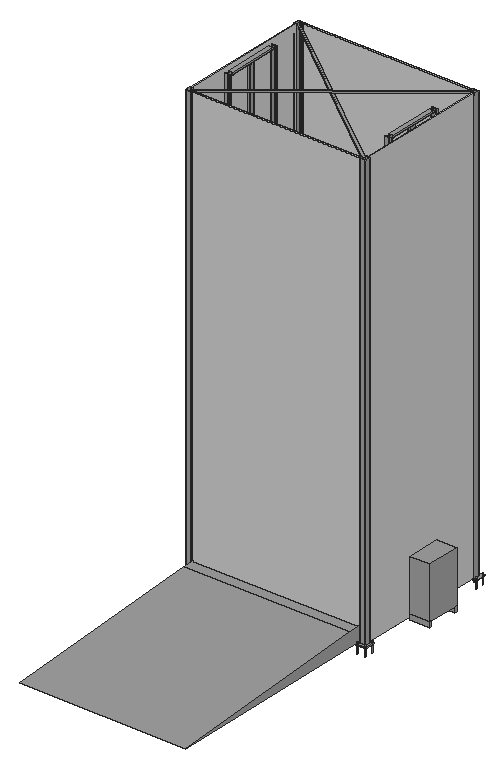
Revit family "1SE_Trez_TC_2C_T_2000_With_Ramp", category Specialty Equipment, Revit 2019
Family settings
  Round Connector Dimension = Use Diameter
  Part Type = Normal
  Work Plane-Based = No
  Always vertical = Yes
  Cut with Voids When Loaded = Yes
  Shared = No
  Room Calculation Point = No
Parameters (values of type "Platform-2300x2300mm with Door Height 2500mm")
  Safe Working Load = 2000.00 kg  # constant formula
  Safe Space = if(Cabin or Platform = Cabin, 900.0 mm, if(and(Cabin or Platform = Platform, Door Clear Height > 1900.0 mm), 600.0 mm, 0.0 mm))  # 600.0 mm
  Ramp Width = Tower Width - 250.0 mm  # 2900.0 mm
  Ramp Material = TREZ_Steel
  Platform = Speciality_Equipment_Trez_Platform : Platform
  Door Clear Width = Clear Width  # 2300.0 mm
  Door Clear Height = 2500.0 mm
  Clear Width = 2300.0 mm
  URL = "https://trez.bg/en/products/goods-only-lift-tc/tc-2ct-two-cylinders-and-tower/"
  Tower Width = Real Width + 2 * Clearance  # 3150.0 mm
  Tower Depth = Real Depth + 180.0 mm  # 2480.0 mm
  Tower Cladding Material = TREZ_Steel_Cladding
  Real Width = if(Clear Width < 1300.0 mm, 1300.0 mm, if(Clear Width > 2300.0 mm, 2300.0 mm, Clear Width))  # 2300.0 mm
  Real Depth = if(Clear Depth < 1300.0 mm, 1300.0 mm, if(Clear Depth > 2300.0 mm, 2300.0 mm, Clear Depth))  # 2300.0 mm
  Profiles Material = TREZ_Steel
  Platform Material = TREZ_Steel
  Ramp Height = 250.0 mm  # constant formula
  Travel = 4500.0 mm
  Rail Height = Travel + Headroom  # 7600.0 mm
  Model = "TC 2C T 2000"
  Manufacturer = "TREZ Ltd."
  Headroom = Door Clear Height + Safe Space  # 3100.0 mm
  Description = "Trez Compact 2 Cylinders Tower. Goods only lift."  # constant formula
  Clear Depth = 2300.0 mm
  Created By URL = "https://all1studio.com/"
  Created By = "All 1 Studio Ltd."
  Clearance = 425.0 mm  # constant formula
  Cabin or Platform Back = yes
  Cabin or Platform = Speciality_Equipment_Trez_Platform : Platform
  Cabin = Speciality_Equipment_Trez_Cabin : Cabin
Reference planes
  plane 1 "Center (Front/Back)": y = 0
  plane 2: z = 0
  plane 3 "Center (Left/Right)": x = 0
  plane 4: x = -1150
  plane 5: x = 1150
  plane 6: y = 1150
  plane 7: y = -1150
  plane 8: x = 1575
  plane 9: y = 1260
  plane 10: x = -1575
  plane 11: y = -1220
  plane 12: x = 1520
  plane 13: x = -1520
  plane 14: y = 1205
  plane 15: y = -1165
  plane 16: z = 4500
  plane 17 "Top of Lift": z = 7600
  plane 18: x = -1528.5
  plane 19: x = 1528.5
  plane 20: x = 1785
  plane 21: x = -1559.032
  plane 22: x = -1541.032
  plane 23: y = 1244
  plane 24: y = 1226
  plane 25: x = 1559
  plane 26: x = 1541
  plane 27: y = -1204
  plane 28: y = -1186
  plane 29: x = -1635
  plane 30: y = 1320
  plane 31: x = 1635
  plane 32: y = -1280
  plane 33: x = -1388.5
  plane 34: x = 1388.5
  plane 35: z = 7540
  plane 36: z = 40
  plane 37: z = -145
  plane 38 "Ramp": z = 250
Forms (mm)
  Extrusion 1, solid, material "TREZ_Steel_Cladding" <- "Tower Cladding Material", detail levels coarse+medium
    sketch origin (0, 0, 0) x (1, 0, 0) y (0, 1, 0)
      loop
        line (-1575, 1260) -> (-1575, 1155) -> (-1559.032, 1155) -> (-1559.032, -1115) -> (-1575, -1115) -> (-1575, -1220) -> (-1470, -1220) -> (-1470, -1204) -> (1470, -1204) -> (1470, -1220) -> (1575, -1220) -> (1575, -1115) -> (1559, -1115) -> (1559, 1155) -> (1575, 1155) -> (1575, 1260) -> (1470, 1260) -> (1470, 1244) -> (-1470, 1244) -> (-1470, 1260) -> (-1575, 1260)
      loop
        line (-1520, 1205) -> (-1520, 1155) -> (-1541.032, 1155) -> (-1541.032, -1115) -> (-1520, -1115) -> (-1520, -1165) -> (-1470, -1165) -> (-1470, -1186) -> (1470, -1186) -> (1470, -1165) -> (1520, -1165) -> (1520, -1115) -> (1541, -1115) -> (1541, 1155) -> (1520, 1155) -> (1520, 1205) -> (1470, 1205) -> (1470, 1226) -> (-1470, 1226) -> (-1470, 1205) -> (-1520, 1205)
    from 0 to 7600
  Extrusion 2, solid, material "TREZ_Steel" <- "Profiles Material", detail levels fine
    sketch origin (0, 0, 0) x (1, 0, 0) y (0, 1, 0)
      loop
        line (-1575, 1253) -> (-1575, 1162)
        arc (-1575, 1162) -> (-1572.95, 1157.05) -> (-1568, 1155) r 7
        line (-1568, 1155) -> (-1527, 1155)
        arc (-1527, 1155) -> (-1522.05, 1157.05) -> (-1520, 1162) r 7
        line (-1520, 1162) -> (-1520, 1198)
        arc (-1520, 1198) -> (-1517.95, 1202.95) -> (-1513, 1205) r 7
        line (-1513, 1205) -> (-1477, 1205)
        arc (-1477, 1205) -> (-1472.05, 1207.05) -> (-1470, 1212) r 7
        line (-1470, 1212) -> (-1470, 1253)
        arc (-1470, 1253) -> (-1472.05, 1257.95) -> (-1477, 1260) r 7
        line (-1477, 1260) -> (-1568, 1260)
        arc (-1568, 1260) -> (-1572.95, 1257.95) -> (-1575, 1253) r 7
      loop
        line (1568, 1260) -> (1477, 1260)
        arc (1477, 1260) -> (1472.05, 1257.95) -> (1470, 1253) r 7
        line (1470, 1253) -> (1470, 1212)
        arc (1470, 1212) -> (1472.05, 1207.05) -> (1477, 1205) r 7
        line (1477, 1205) -> (1513, 1205)
        arc (1513, 1205) -> (1517.95, 1202.95) -> (1520, 1198) r 7
        line (1520, 1198) -> (1520, 1162)
        arc (1520, 1162) -> (1522.05, 1157.05) -> (1527, 1155) r 7
        line (1527, 1155) -> (1568, 1155)
        arc (1568, 1155) -> (1572.95, 1157.05) -> (1575, 1162) r 7
        line (1575, 1162) -> (1575, 1253)
        arc (1575, 1253) -> (1572.95, 1257.95) -> (1568, 1260) r 7
      loop
        arc (-1575, -1213) -> (-1572.95, -1217.95) -> (-1568, -1220) r 7
        line (-1568, -1220) -> (-1477, -1220)
        arc (-1477, -1220) -> (-1472.05, -1217.95) -> (-1470, -1213) r 7
        line (-1470, -1213) -> (-1470, -1172)
        arc (-1470, -1172) -> (-1472.05, -1167.05) -> (-1477, -1165) r 7
        line (-1477, -1165) -> (-1513, -1165)
        arc (-1513, -1165) -> (-1517.95, -1162.95) -> (-1520, -1158) r 7
        line (-1520, -1158) -> (-1520, -1122)
        arc (-1520, -1122) -> (-1522.05, -1117.05) -> (-1527, -1115) r 7
        line (-1527, -1115) -> (-1568, -1115)
        arc (-1568, -1115) -> (-1572.95, -1117.05) -> (-1575, -1122) r 7
        line (-1575, -1122) -> (-1575, -1213)
      loop
        arc (1568, -1220) -> (1572.95, -1217.95) -> (1575, -1213) r 7
        line (1575, -1213) -> (1575, -1122)
        arc (1575, -1122) -> (1572.95, -1117.05) -> (1568, -1115) r 7
        line (1568, -1115) -> (1527, -1115)
        arc (1527, -1115) -> (1522.05, -1117.05) -> (1520, -1122) r 7
        line (1520, -1122) -> (1520, -1158)
        arc (1520, -1158) -> (1517.95, -1162.95) -> (1513, -1165) r 7
        line (1513, -1165) -> (1477, -1165)
        arc (1477, -1165) -> (1472.05, -1167.05) -> (1470, -1172) r 7
        line (1470, -1172) -> (1470, -1213)
        arc (1470, -1213) -> (1472.05, -1217.95) -> (1477, -1220) r 7
        line (1477, -1220) -> (1568, -1220)
      loop
        arc (-1473, 1253) -> (-1474.172, 1255.828) -> (-1477, 1257) r 4
        line (-1477, 1257) -> (-1568, 1257)
        arc (-1568, 1257) -> (-1570.828, 1255.828) -> (-1572, 1253) r 4
        line (-1572, 1253) -> (-1572, 1162)
        arc (-1572, 1162) -> (-1570.828, 1159.172) -> (-1568, 1158) r 4
        line (-1568, 1158) -> (-1527, 1158)
        arc (-1527, 1158) -> (-1524.172, 1159.172) -> (-1523, 1162) r 4
        line (-1523, 1162) -> (-1523, 1198)
        arc (-1523, 1198) -> (-1520.071, 1205.071) -> (-1513, 1208) r 10
        line (-1513, 1208) -> (-1477, 1208)
        arc (-1477, 1208) -> (-1474.172, 1209.172) -> (-1473, 1212) r 4
        line (-1473, 1212) -> (-1473, 1253)
      loop
        line (-1473, -1213) -> (-1473, -1172)
        arc (-1473, -1172) -> (-1474.172, -1169.172) -> (-1477, -1168) r 4
        line (-1477, -1168) -> (-1513, -1168)
        arc (-1513, -1168) -> (-1520.071, -1165.071) -> (-1523, -1158) r 10
        line (-1523, -1158) -> (-1523, -1122)
        arc (-1523, -1122) -> (-1524.172, -1119.172) -> (-1527, -1118) r 4
        line (-1527, -1118) -> (-1568, -1118)
        arc (-1568, -1118) -> (-1570.828, -1119.172) -> (-1572, -1122) r 4
        line (-1572, -1122) -> (-1572, -1213)
        arc (-1572, -1213) -> (-1570.828, -1215.828) -> (-1568, -1217) r 4
        line (-1568, -1217) -> (-1477, -1217)
        arc (-1477, -1217) -> (-1474.172, -1215.828) -> (-1473, -1213) r 4
      loop
        line (1572, -1213) -> (1572, -1122)
        arc (1572, -1122) -> (1570.828, -1119.172) -> (1568, -1118) r 4
        line (1568, -1118) -> (1527, -1118)
        arc (1527, -1118) -> (1524.172, -1119.172) -> (1523, -1122) r 4
        line (1523, -1122) -> (1523, -1158)
        arc (1523, -1158) -> (1520.071, -1165.071) -> (1513, -1168) r 10
        line (1513, -1168) -> (1477, -1168)
        arc (1477, -1168) -> (1474.172, -1169.172) -> (1473, -1172) r 4
        line (1473, -1172) -> (1473, -1213)
        arc (1473, -1213) -> (1474.172, -1215.828) -> (1477, -1217) r 4
        line (1477, -1217) -> (1568, -1217)
        arc (1568, -1217) -> (1570.828, -1215.828) -> (1572, -1213) r 4
      loop
        arc (1572, 1253) -> (1570.828, 1255.828) -> (1568, 1257) r 4
        line (1568, 1257) -> (1477, 1257)
        arc (1477, 1257) -> (1474.172, 1255.828) -> (1473, 1253) r 4
        line (1473, 1253) -> (1473, 1212)
        arc (1473, 1212) -> (1474.172, 1209.172) -> (1477, 1208) r 4
        line (1477, 1208) -> (1513, 1208)
        arc (1513, 1208) -> (1520.071, 1205.071) -> (1523, 1198) r 10
        line (1523, 1198) -> (1523, 1162)
        arc (1523, 1162) -> (1524.172, 1159.172) -> (1527, 1158) r 4
        line (1527, 1158) -> (1568, 1158)
        arc (1568, 1158) -> (1570.828, 1159.172) -> (1572, 1162) r 4
        line (1572, 1162) -> (1572, 1253)
    from 5 to 7600
  Extrusion 3, solid, material "TREZ_Steel_Cladding" <- "Tower Cladding Material", detail levels fine
    sketch origin (0, 0, 0) x (1, 0, 0) y (0, 1, 0)
      loop
        line (1559, 1155) -> (1541, 1155) -> (1541, -1115) -> (1559, -1115) -> (1559, 1155)
      loop
        line (1470, 1244) -> (-1470, 1244) -> (-1470, 1226) -> (1470, 1226) -> (1470, 1244)
      loop
        line (1470, -1186) -> (-1470, -1186) -> (-1470, -1204) -> (1470, -1204) -> (1470, -1186)
      loop
        line (-1541.032, -1115) -> (-1541.032, 1155) -> (-1559.032, 1155) -> (-1559.032, -1115) -> (-1541.032, -1115)
    from 0 to 7600
  Extrusion 4, solid, material "TREZ_Steel" <- "Profiles Material", detail levels fine
    sketch origin (0, 0, 0) x (1, 0, 0) y (0, 1, 0)
      loop
        arc (1457, 1320) -> (1452.05, 1317.95) -> (1450, 1313) r 7
        line (1450, 1313) -> (1450, 1260) -> (1470, 1260) -> (1470, 1205) -> (1520, 1205) -> (1520, 1155) -> (1575, 1155) -> (1575, 1135) -> (1628, 1135)
        arc (1628, 1135) -> (1632.95, 1137.05) -> (1635, 1142) r 7
        line (1635, 1142) -> (1635, 1313)
        arc (1635, 1313) -> (1632.95, 1317.95) -> (1628, 1320) r 7
        line (1628, 1320) -> (1457, 1320)
      loop
        line (-1457, 1320) -> (-1628, 1320)
        arc (-1628, 1320) -> (-1632.95, 1317.95) -> (-1635, 1313) r 7
        line (-1635, 1313) -> (-1635, 1142)
        arc (-1635, 1142) -> (-1632.95, 1137.05) -> (-1628, 1135) r 7
        line (-1628, 1135) -> (-1575, 1135) -> (-1575, 1155) -> (-1520, 1155) -> (-1520, 1205) -> (-1470, 1205) -> (-1470, 1260) -> (-1450, 1260) -> (-1450, 1313)
        arc (-1450, 1313) -> (-1452.05, 1317.95) -> (-1457, 1320) r 7
      loop
        line (1457, -1280) -> (1628, -1280)
        arc (1628, -1280) -> (1632.95, -1277.95) -> (1635, -1273) r 7
        line (1635, -1273) -> (1635, -1102)
        arc (1635, -1102) -> (1632.95, -1097.05) -> (1628, -1095) r 7
        line (1628, -1095) -> (1575, -1095) -> (1575, -1115) -> (1520, -1115) -> (1520, -1165) -> (1470, -1165) -> (1470, -1220) -> (1450, -1220) -> (1450, -1273)
        arc (1450, -1273) -> (1452.05, -1277.95) -> (1457, -1280) r 7
      loop
        arc (-1457, -1280) -> (-1452.05, -1277.95) -> (-1450, -1273) r 7
        line (-1450, -1273) -> (-1450, -1220) -> (-1470, -1220) -> (-1470, -1165) -> (-1520, -1165) -> (-1520, -1115) -> (-1575, -1115) -> (-1575, -1095) -> (-1628, -1095)
        arc (-1628, -1095) -> (-1632.95, -1097.05) -> (-1635, -1102) r 7
        line (-1635, -1102) -> (-1635, -1273)
        arc (-1635, -1273) -> (-1632.95, -1277.95) -> (-1628, -1280) r 7
        line (-1628, -1280) -> (-1457, -1280)
    from 5 to 0
  Sweep 5, solid, material "TREZ_Steel" <- "Profiles Material", detail levels fine
    path origin (0, 0, 7600) x (-1, 0, 0) y (0, -1, 0)
      loop
        line (1520, 1165) -> (-1520, -1205)
    profile origin (0, 20, 7600) x (-0.614838, 0.788653, 0) y (0, 0, 1)
      loop
        line (15, 0) -> (-15, 0) -> (-15, -30) -> (15, -30) -> (15, 0)
  Sweep 6, solid, material "TREZ_Steel" <- "Profiles Material", detail levels fine
    path origin (0, 0, 7600) x (-1, 0, 0) y (0, -1, 0)
      loop
        line (1520, -1205) -> (-1520, 1165)
    profile origin (0, 20, 7600) x (0.614838, 0.788653, 0) y (0, 0, 1)
      loop
        line (-15, -60) -> (15, -60) -> (15, -30) -> (-15, -30) -> (-15, -60)
  Extrusion 7, void
    sketch origin (0, 0, 7600) x (-1, 0, 0) y (0, -1, 0)
      loop
        arc (1527, -1155) -> (1522.05, -1157.05) -> (1520, -1162) r 7
        line (1520, -1162) -> (1520, -1198)
        arc (1520, -1198) -> (1517.95, -1202.95) -> (1513, -1205) r 7
        line (1513, -1205) -> (1477, -1205)
        arc (1477, -1205) -> (1472.05, -1207.05) -> (1470, -1212) r 7
        line (1470, -1212) -> (1470, -1253)
        arc (1470, -1253) -> (1472.05, -1257.95) -> (1477, -1260) r 7
        line (1477, -1260) -> (1568, -1260)
        arc (1568, -1260) -> (1572.95, -1257.95) -> (1575, -1253) r 7
        line (1575, -1253) -> (1575, -1162)
        arc (1575, -1162) -> (1572.95, -1157.05) -> (1568, -1155) r 7
        line (1568, -1155) -> (1527, -1155)
      loop
        arc (-1470, -1212) -> (-1472.05, -1207.05) -> (-1477, -1205) r 7
        line (-1477, -1205) -> (-1513, -1205)
        arc (-1513, -1205) -> (-1517.95, -1202.95) -> (-1520, -1198) r 7
        line (-1520, -1198) -> (-1520, -1162)
        arc (-1520, -1162) -> (-1522.05, -1157.05) -> (-1527, -1155) r 7
        line (-1527, -1155) -> (-1568, -1155)
        arc (-1568, -1155) -> (-1572.95, -1157.05) -> (-1575, -1162) r 7
        line (-1575, -1162) -> (-1575, -1253)
        arc (-1575, -1253) -> (-1572.95, -1257.95) -> (-1568, -1260) r 7
        line (-1568, -1260) -> (-1477, -1260)
        arc (-1477, -1260) -> (-1472.05, -1257.95) -> (-1470, -1253) r 7
        line (-1470, -1253) -> (-1470, -1212)
      loop
        arc (-1527, 1115) -> (-1522.05, 1117.05) -> (-1520, 1122) r 7
        line (-1520, 1122) -> (-1520, 1158)
        arc (-1520, 1158) -> (-1517.95, 1162.95) -> (-1513, 1165) r 7
        line (-1513, 1165) -> (-1477, 1165)
        arc (-1477, 1165) -> (-1472.05, 1167.05) -> (-1470, 1172) r 7
        line (-1470, 1172) -> (-1470, 1213)
        arc (-1470, 1213) -> (-1472.05, 1217.95) -> (-1477, 1220) r 7
        line (-1477, 1220) -> (-1568, 1220)
        arc (-1568, 1220) -> (-1572.95, 1217.95) -> (-1575, 1213) r 7
        line (-1575, 1213) -> (-1575, 1122)
        arc (-1575, 1122) -> (-1572.95, 1117.05) -> (-1568, 1115) r 7
        line (-1568, 1115) -> (-1527, 1115)
      loop
        arc (1520, 1122) -> (1522.05, 1117.05) -> (1527, 1115) r 7
        line (1527, 1115) -> (1568, 1115)
        arc (1568, 1115) -> (1572.95, 1117.05) -> (1575, 1122) r 7
        line (1575, 1122) -> (1575, 1213)
        arc (1575, 1213) -> (1572.95, 1217.95) -> (1568, 1220) r 7
        line (1568, 1220) -> (1477, 1220)
        arc (1477, 1220) -> (1472.05, 1217.95) -> (1470, 1213) r 7
        line (1470, 1213) -> (1470, 1172)
        arc (1470, 1172) -> (1472.05, 1167.05) -> (1477, 1165) r 7
        line (1477, 1165) -> (1513, 1165)
        arc (1513, 1165) -> (1517.95, 1162.95) -> (1520, 1158) r 7
        line (1520, 1158) -> (1520, 1122)
    from -60 to 0
  Extrusion 8, solid, material "TREZ_Steel" <- "Profiles Material", detail levels fine
    sketch origin (0, 0, 0) x (1, 0, 0) y (0, 1, 0)
      loop
        circle (-1610.697, 1304.303) r 6
      loop
        circle (-1465.697, 1304.303) r 6
      loop
        circle (-1610.697, 1159.303) r 6
      loop
        circle (1610.697, 1304.303) r 6
      loop
        circle (1465.697, 1304.303) r 6
      loop
        circle (1610.697, 1159.303) r 6
      loop
        circle (-1610.697, -1264.303) r 6
      loop
        circle (-1465.697, -1264.303) r 6
      loop
        circle (-1610.697, -1119.303) r 6
      loop
        circle (1610.697, -1264.303) r 6
      loop
        circle (1465.697, -1264.303) r 6
      loop
        circle (1610.697, -1119.303) r 6
    from -145 to 40
Cuts and joins
  Extrusion 7 cuts Sweep 5
  Extrusion 7 cuts Sweep 6
  joined: Extrusion 4, Extrusion 8
Lines and regions (mm)
  symbolic lines, style "Profiles"
    curve 1: line (-1575, 1260, 0) -> (-1470, 1260, 0)
    curve 2: line (-1470, 1260, 0) -> (-1470, 1205, 0)
    curve 3: line (-1470, 1205, 0) -> (-1520, 1205, 0)
    curve 4: line (-1520, 1205, 0) -> (-1520, 1155, 0)
    curve 5: line (-1520, 1155, 0) -> (-1575, 1155, 0)
    curve 6: line (-1575, 1155, 0) -> (-1575, 1260, 0)
    curve 7: line (1470, 1260, 0) -> (1575, 1260, 0)
    curve 8: line (1575, 1260, 0) -> (1575, 1155, 0)
    curve 9: line (1575, 1155, 0) -> (1520, 1155, 0)
    curve 10: line (1520, 1155, 0) -> (1520, 1205, 0)
    curve 11: line (1520, 1205, 0) -> (1470, 1205, 0)
    curve 12: line (1470, 1205, 0) -> (1470, 1260, 0)
    curve 13: line (-1575, -1115, 0) -> (-1520, -1115, 0)
    curve 14: line (-1520, -1115, 0) -> (-1520, -1165, 0)
    curve 15: line (-1520, -1165, 0) -> (-1470, -1165, 0)
    curve 16: line (-1470, -1165, 0) -> (-1470, -1220, 0)
    curve 17: line (-1470, -1220, 0) -> (-1575, -1220, 0)
    curve 18: line (-1575, -1220, 0) -> (-1575, -1115, 0)
    curve 19: line (1470, -1165, 0) -> (1520, -1165, 0)
    curve 20: line (1520, -1165, 0) -> (1520, -1115, 0)
    curve 21: line (1520, -1115, 0) -> (1575, -1115, 0)
    curve 22: line (1575, -1115, 0) -> (1575, -1220, 0)
    curve 23: line (1575, -1220, 0) -> (1470, -1220, 0)
    curve 24: line (1470, -1165, 0) -> (1470, -1220, 0)
    curve 25: line (1559, 1155, 0) -> (1541, 1155, 0)
    curve 26: line (1559, -1115, 0) -> (1559, 1155, 0)
    curve 27: line (1541, -1115, 0) -> (1559, -1115, 0)
    curve 28: line (1541, 1155, 0) -> (1541, -1115, 0)
    curve 29: line (1470, -1186, 0) -> (-1470, -1186, 0)
    curve 30: line (1470, -1204, 0) -> (1470, -1186, 0)
    curve 31: line (-1470, -1204, 0) -> (1470, -1204, 0)
    curve 32: line (-1470, -1186, 0) -> (-1470, -1204, 0)
    curve 33: line (-1541.032, -1115, 0) -> (-1559.032, -1115, 0)
    curve 34: line (-1541.032, 1155, 0) -> (-1541.032, -1115, 0)
    curve 35: line (-1559.032, 1155, 0) -> (-1541.032, 1155, 0)
    curve 36: line (-1559.032, -1115, 0) -> (-1559.032, 1155, 0)
    curve 37: line (-1470, 1226, 0) -> (1470, 1226, 0)
    curve 38: line (-1470, 1244, 0) -> (-1470, 1226, 0)
    curve 39: line (1470, 1244, 0) -> (-1470, 1244, 0)
    curve 40: line (1470, 1226, 0) -> (1470, 1244, 0)
  symbolic lines, style "Platform"
    curve 41: line (-1150, 1150, 0) -> (1150, 1150, 0)
    curve 42: line (-1150, -1150, 0) -> (-1150, 1150, 0)
    curve 43: line (1150, -1150, 0) -> (-1150, -1150, 0)
    curve 44: line (1150, 1150, 0) -> (1150, -1150, 0)
    curve 45: line (-1150, 1150, 0) -> (1150, -1150, 0)
    curve 46: line (1150, 1150, 0) -> (-1150, -1150, 0)
  model lines, style "Profiles", detail levels coarse+medium
    curve 47: line (-1520, 1205, 7600) -> (1520, -1165, 7600)
    curve 48: line (1520, 1205, 7600) -> (-1520, -1165, 7600)
Dimensions and locks
  equal spacing: plane 4, plane 3 "Center (Left/Right)", plane 5
  "Real Width": plane 4 to plane 5
  equal spacing: plane 7, plane 1 "Center (Front/Back)", plane 6
  "Real Depth": plane 7 to plane 6
  locked: plane 6 to plane 9 at 110
  locked: plane 7 to plane 11 at 70
  locked: plane 12 to plane 8 at 55
  locked: plane 10 to plane 13 at 55
  locked: plane 14 to plane 9 at 55
  locked: plane 15 to plane 11 at 55
  "Travel": plane 16 to level
  "Clearance": plane 5 to plane 8
  "Clearance": plane 10 to plane 4
  locked: plane 8 to plane 20 at 210
  locked: plane 10 to plane 18 at 46.5
  locked: plane 19 to plane 8 at 46.5
  plane 10 to plane 21 to plane 22 = 15.968 mm locked, 18.0 mm locked
  plane 24 to plane 23 to plane 9 = 18.0 mm locked, 16.0 mm locked
  plane 26 to plane 25 to plane 8 = 18.0 mm locked, 16.0 mm locked
  plane 28 to plane 27 to plane 11 = 18.0 mm locked, 16.0 mm locked
  locked: plane 29 to plane 10 at 60
  locked: plane 9 to plane 30 at 60
  locked: plane 8 to plane 31 at 60
  locked: plane 11 to plane 32 at 60
  locked: plane 10 to plane 33 at 186.5
  locked: plane 34 to plane 8 at 186.5
  "Headroom": plane 17 "Top of Lift" to plane 16
  locked: plane 17 "Top of Lift" to plane 35 at 60
  locked: plane 36 to level at 40
  locked: level to plane 37 at 145
  "Ramp Height": plane 38 "Ramp" to level
  aligned and locked: level to plane 2
  aligned and locked: plane 9 to Extrusion 1 sketch curve
  aligned and locked: plane 10 to Extrusion 1 sketch curve
  aligned and locked: plane 11 to Extrusion 1 sketch curve
  aligned and locked: plane 8 to Extrusion 1 sketch curve
  aligned and locked: plane 14 to Extrusion 1 sketch curve
  aligned and locked: plane 13 to Extrusion 1 sketch curve
  aligned and locked: plane 15 to Extrusion 1 sketch curve
  aligned and locked: plane 12 to Extrusion 1 sketch curve
  aligned and locked: plane 17 "Top of Lift" to Extrusion 1
  aligned and locked: plane 1 "Center (Front/Back)" to nested 1
  aligned and locked: plane 3 "Center (Left/Right)" to nested 1
  aligned and locked: nested 2 to plane 20
  aligned and locked: Extrusion 2 sketch curve to plane 10
  aligned and locked: Extrusion 2 sketch curve to plane 9  (x2)
  aligned and locked: Extrusion 2 sketch curve to plane 13
  aligned and locked: Extrusion 2 sketch curve to plane 14  (x2)
  aligned and locked: plane 8 to Extrusion 2 sketch curve
  aligned and locked: plane 17 "Top of Lift" to Extrusion 2
  aligned and locked: Extrusion 3 sketch curve to Extrusion 2  (x6)
  aligned and locked: Extrusion 3 sketch curve to plane 25
  aligned and locked: plane 26 to Extrusion 3 sketch curve
  aligned and locked: Extrusion 3 sketch curve to plane 23
  aligned and locked: plane 24 to Extrusion 3 sketch curve
  aligned and locked: plane 28 to Extrusion 3 sketch curve
  aligned and locked: Extrusion 3 sketch curve to plane 27
  aligned and locked: Extrusion 2 to Extrusion 3 sketch curve  (x2)
  aligned and locked: Extrusion 3 sketch curve to plane 22
  aligned and locked: plane 21 to Extrusion 3 sketch curve
  aligned and locked: plane 17 "Top of Lift" to Extrusion 3
  aligned and locked: plane 33 to nested 3
  aligned and locked: nested 4 to plane 34
  aligned and locked: plane 1 "Center (Front/Back)" to nested 3
  aligned and locked: nested 4 to plane 1 "Center (Front/Back)"
  aligned and locked: plane 14 to Sweep 5 sketch curve
  aligned and locked: plane 12 to Sweep 5 sketch curve
  aligned and locked: plane 13 to Sweep 5 sketch curve
  aligned and locked: plane 15 to Sweep 5 sketch curve
  aligned and locked: plane 12 to Sweep 6 sketch curve
  aligned and locked: plane 15 to Sweep 6 sketch curve
  aligned and locked: plane 14 to Sweep 6 sketch curve
  aligned and locked: plane 13 to Sweep 6 sketch curve
  aligned and locked: plane 35 to Extrusion 7
  aligned and locked: plane 17 "Top of Lift" to Extrusion 7
  aligned and locked: Extrusion 8 to plane 37
  aligned and locked: plane 36 to Extrusion 8
  aligned and locked: plane 16 to nested 1
  aligned and locked: level to nested 4
  aligned and locked: nested 3 to level
  aligned and locked: nested 5 to plane 3 "Center (Left/Right)"
  aligned and locked: plane 27 to nested 5
Automatic sketch dimensions
  Extrusion 1 sketch curve to plane 10 = 0.0 mm
  Extrusion 1 sketch curve to plane 21 = 0.0 mm
  Extrusion 1 sketch curve to plane 22 = 0.0 mm
  Extrusion 1 sketch curve to plane 13 = 0.0 mm
  Extrusion 1 sketch curve to plane 28 = 0.0 mm
  Extrusion 1 sketch curve to plane 15 = 0.0 mm
  Extrusion 1 sketch curve to plane 27 = 0.0 mm
  Extrusion 1 sketch curve to plane 11 = 0.0 mm
  plane 24 to Extrusion 1 sketch curve = 0.0 mm
  plane 23 to Extrusion 1 sketch curve = 0.0 mm
  plane 9 to Extrusion 1 sketch curve = 0.0 mm
  plane 14 to Extrusion 1 sketch curve = 0.0 mm
  Extrusion 1 sketch curve to plane 12 = 0.0 mm
  Extrusion 1 sketch curve to plane 26 = 0.0 mm
  Extrusion 1 sketch curve to plane 25 = 0.0 mm
  Extrusion 1 sketch curve to plane 8 = 0.0 mm
  plane 13 to Extrusion 1 sketch curve = 50.0 mm  (x2)
  Extrusion 1 sketch curve to Extrusion 1 sketch curve = 0.0 mm  (x5)
  plane 12 to Extrusion 1 sketch curve = 50.0 mm  (x2)
  plane 7 to Extrusion 1 sketch curve = 35.0 mm  (x3)
  Extrusion 1 sketch curve to plane 6 = 5.0 mm  (x4)
  Extrusion 2 sketch curve to Extrusion 2 sketch curve = 0.0 mm  (x48)
  Extrusion 2 sketch curve to plane 10 = 0.0 mm
  Extrusion 2 sketch curve to plane 11 = 0.0 mm  (x2)
  Extrusion 2 sketch curve to plane 13 = 0.0 mm
  Extrusion 2 sketch curve to plane 15 = 0.0 mm  (x2)
  Extrusion 2 sketch curve to plane 12 = 0.0 mm  (x2)
  Extrusion 2 sketch curve to plane 8 = 0.0 mm
  Extrusion 2 sketch curve to Extrusion 2 sketch curve = 3.0 mm  (x4)
  Extrusion 2 sketch curve to Extrusion 2 sketch curve = 4.0 mm  (x9)
  plane 10 to Extrusion 2 sketch curve = 7.0 mm
  plane 18 to Extrusion 2 sketch curve = 1.5 mm  (x2)
  plane 13 to Extrusion 2 sketch curve = 7.0 mm  (x2)
  Extrusion 2 sketch curve to plane 15 = 7.0 mm  (x2)
  Extrusion 2 sketch curve to Extrusion 2 sketch curve = 36.0 mm  (x2)
  Extrusion 2 sketch curve to plane 14 = 7.0 mm
  plane 9 to Extrusion 2 sketch curve = 7.0 mm
  plane 12 to Extrusion 2 sketch curve = 50.0 mm  (x2)
  Extrusion 2 sketch curve to Extrusion 2 sketch curve = 7.0 mm
  plane 12 to Extrusion 2 sketch curve = 7.0 mm
  plane 19 to Extrusion 2 sketch curve = 1.5 mm  (x2)
  plane 8 to Extrusion 2 sketch curve = 7.0 mm  (x2)
  Extrusion 2 sketch curve to plane 6 = 5.0 mm  (x2)
  plane 7 to Extrusion 2 sketch curve = 28.0 mm  (x2)
  Extrusion 4 sketch curve to plane 29 = 0.0 mm  (x2)
  plane 30 to Extrusion 4 sketch curve = 0.0 mm  (x2)
  Extrusion 4 sketch curve to plane 32 = 0.0 mm  (x2)
  Extrusion 4 sketch curve to plane 10 = 0.0 mm  (x2)
  Extrusion 4 sketch curve to plane 13 = 0.0 mm  (x2)
  plane 9 to Extrusion 4 sketch curve = 0.0 mm  (x2)
  Extrusion 4 sketch curve to plane 11 = 0.0 mm  (x2)
  Extrusion 4 sketch curve to plane 15 = 0.0 mm  (x2)
  plane 14 to Extrusion 4 sketch curve = 0.0 mm  (x2)
  Extrusion 4 sketch curve to plane 12 = 0.0 mm  (x2)
  Extrusion 4 sketch curve to plane 8 = 0.0 mm  (x2)
  Extrusion 4 sketch curve to plane 31 = 0.0 mm  (x2)
  plane 29 to Extrusion 4 sketch curve = 7.0 mm  (x4)
  plane 13 to Extrusion 4 sketch curve = 50.0 mm  (x2)
  Extrusion 4 sketch curve to Extrusion 4 sketch curve = 13.0 mm  (x2)
  plane 30 to Extrusion 4 sketch curve = 7.0 mm
  Extrusion 4 sketch curve to Extrusion 4 sketch curve = 20.0 mm  (x2)
  Extrusion 4 sketch curve to plane 34 = 61.5 mm  (x2)
  Extrusion 4 sketch curve to Extrusion 4 sketch curve = 7.0 mm  (x3)
  Extrusion 4 sketch curve to Extrusion 4 sketch curve = 50.0 mm
  plane 31 to Extrusion 4 sketch curve = 7.0 mm  (x3)
  plane 7 to Extrusion 4 sketch curve = 35.0 mm  (x2)
  plane 7 to Extrusion 4 sketch curve = 48.0 mm  (x2)
  plane 6 to Extrusion 4 sketch curve = 15.0 mm  (x2)
  Extrusion 4 sketch curve to plane 6 = 5.0 mm  (x2)
  profile plane to Sweep 5 sketch curve = 15.0 mm
  Sweep 5 sketch curve to Sweep 5 sketch curve = 30.0 mm
  Sweep 5 sketch curve to profile plane = 15.0 mm
  plane 17 "Top of Lift" to Sweep 5 sketch curve = 0.0 mm
  profile plane to Sweep 6 sketch curve = 15.0 mm
  Sweep 6 sketch curve to profile plane = 15.0 mm
  Sweep 6 sketch curve to plane 17 "Top of Lift" = 60.0 mm
  Sweep 6 sketch curve to Sweep 6 sketch curve = 30.0 mm
  plane 9 to Extrusion 7 sketch curve = 0.0 mm  (x2)
  plane 14 to Extrusion 7 sketch curve = 0.0 mm  (x2)
  Extrusion 7 sketch curve to plane 13 = 0.0 mm  (x2)
  Extrusion 7 sketch curve to plane 10 = 0.0 mm  (x2)
  Extrusion 7 sketch curve to Extrusion 7 sketch curve = 7.0 mm  (x9)
  plane 13 to Extrusion 7 sketch curve = 43.0 mm
  Extrusion 7 sketch curve to Extrusion 7 sketch curve = 36.0 mm  (x2)
  plane 18 to Extrusion 7 sketch curve = 1.5 mm  (x2)
  plane 10 to Extrusion 7 sketch curve = 7.0 mm
  Extrusion 7 sketch curve to plane 6 = 12.0 mm
  Extrusion 7 sketch curve to plane 8 = 0.0 mm  (x2)
  Extrusion 7 sketch curve to plane 12 = 0.0 mm  (x2)
  Extrusion 7 sketch curve to plane 6 = 5.0 mm
  plane 8 to Extrusion 7 sketch curve = 7.0 mm  (x3)
  plane 19 to Extrusion 7 sketch curve = 1.5 mm  (x2)
  Extrusion 7 sketch curve to plane 14 = 7.0 mm
  Extrusion 7 sketch curve to plane 11 = 0.0 mm  (x2)
  Extrusion 7 sketch curve to plane 15 = 0.0 mm  (x2)
  plane 12 to Extrusion 7 sketch curve = 7.0 mm
  plane 11 to Extrusion 7 sketch curve = 7.0 mm  (x2)
  plane 12 to Extrusion 7 sketch curve = 43.0 mm
  Extrusion 7 sketch curve to plane 15 = 7.0 mm
  plane 7 to Extrusion 7 sketch curve = 35.0 mm  (x2)
  plane 13 to Extrusion 7 sketch curve = 50.0 mm
  plane 13 to Extrusion 7 sketch curve = 7.0 mm
  curve 47 to plane 12 = 0.0 mm
  curve 48 to plane 12 = 0.0 mm
  curve 48 to plane 13 = 0.0 mm
  curve 47 to plane 13 = 0.0 mm
  plane 14 to curve 48 = 0.0 mm
  plane 14 to curve 47 = 0.0 mm
  curve 48 to plane 15 = 0.0 mm
  curve 47 to plane 15 = 0.0 mm
  plane 9 to curve 1 = 0.0 mm
  curve 1 to plane 10 = 0.0 mm
  curve 18 to plane 10 = 0.0 mm
  curve 36 to plane 21 = 0.0 mm
  curve 35 to plane 22 = 0.0 mm
  curve 4 to plane 13 = 0.0 mm
  curve 15 to plane 13 = 0.0 mm
  plane 24 to curve 37 = 0.0 mm
  curve 15 to plane 15 = 0.0 mm
  curve 16 to plane 11 = 0.0 mm
  plane 23 to curve 38 = 0.0 mm
  curve 32 to plane 27 = 0.0 mm
  curve 32 to plane 28 = 0.0 mm
  plane 14 to curve 2 = 0.0 mm
  curve 42 to plane 4 = 0.0 mm
  curve 44 to plane 5 = 0.0 mm
  curve 24 to plane 11 = 0.0 mm
  curve 24 to plane 15 = 0.0 mm
  plane 14 to curve 11 = 0.0 mm
  plane 9 to curve 7 = 0.0 mm
  curve 19 to plane 12 = 0.0 mm
  curve 11 to plane 12 = 0.0 mm
  curve 25 to plane 26 = 0.0 mm
  curve 27 to plane 25 = 0.0 mm
  curve 22 to plane 8 = 0.0 mm
  curve 9 to plane 8 = 0.0 mm
  curve 43 to plane 7 = 0.0 mm
  plane 6 to curve 44 = 0.0 mm
  plane 13 to curve 37 = 50.0 mm
  plane 13 to curve 15 = 50.0 mm
  curve 32 to curve 16 = 0.0 mm
  curve 2 to curve 37 = 0.0 mm
  plane 12 to curve 29 = 50.0 mm
  curve 24 to curve 30 = 0.0 mm
  plane 12 to curve 39 = 50.0 mm
  curve 11 to curve 37 = 0.0 mm
  plane 7 to curve 14 = 35.0 mm
  curve 33 to curve 13 = 0.0 mm
  plane 7 to curve 28 = 35.0 mm
  curve 20 to curve 27 = 0.0 mm
  curve 10 to plane 6 = 5.0 mm
  curve 28 to plane 6 = 5.0 mm
  curve 35 to plane 6 = 5.0 mm
  curve 6 to plane 6 = 5.0 mm
  plane 29 to Extrusion 8 sketch curve = 24.303 mm  (x4)
  Extrusion 8 sketch curve to plane 6 = 9.303 mm  (x2)
  plane 30 to Extrusion 8 sketch curve = 15.697 mm  (x4)
  plane 13 to Extrusion 8 sketch curve = 54.303 mm  (x2)
  plane 32 to Extrusion 8 sketch curve = 15.697 mm  (x4)
  plane 12 to Extrusion 8 sketch curve = 54.303 mm  (x2)
  plane 31 to Extrusion 8 sketch curve = 24.303 mm  (x4)
  plane 7 to Extrusion 8 sketch curve = 30.697 mm  (x2)
  radius of Extrusion 8 sketch curve = 6.0 mm  (x12)
Nested families
  nested 1: "Speciality_Equipment_Trez_Platform" at (0, 0, 4500), type <- "Cabin or Platform", type "Platform"
    with Width 2300.0 mm, Depth 2300.0 mm
  nested 2: "Electrical_Equpment_Trez_Cabinet" at (1785, 0, 0) x (0, 1, 0) z (0, 0, 1), type "Cabinet"
  nested 3: "Generic_Model_Trez_Rails" at (-1388.5, 0, 0), type "Rails"
    with Height 7600.0 mm
  nested 4: "Generic_Model_Trez_Rails" at (1388.5, 0, 0) x (-1, 0, 0) z (0, 0, 1), type "Rails"
    with Height 7600.0 mm
  nested 5: "Generic_Model_Trez_Ramp" at (0, -1304, 0), type "4 Degree Ramp"
    with Ramp Width 2900.0 mm, Ramp Length 3583.897 mm, Ramp Height 250.0 mm
Definition of nested family "Speciality_Equipment_Trez_Platform"
  Parameters (values of type "Speciality_Equipment_Trez_Platform")
    Width = 3600.0 mm
    Platform Material = none
    Depth = 2900.0 mm
    Back Board = yes
  Reference planes
    plane 1 "Center (Front/Back)": y = 0
    plane 2 "Bottom": z = 0
    plane 3 "Center (Left/Right)": x = 0
    plane 4: x = 1800
    plane 5: x = -1800
    plane 6: y = 1450
    plane 7: y = -1450
    plane 8: x = -1889
    plane 9: x = 1889
    plane 10: y = 1485
    plane 11: z = -89
    plane 12: z = 709
  Forms (mm)
    Extrusion 1, solid, material <- "Platform Material", visible <- "Back Board"
      sketch origin (0, 0, 0) x (1, 0, 0) y (0, 1, 0)
        loop
          line (-1889, 1485) -> (-1889, 1450) -> (1889, 1450) -> (1889, 1485) -> (-1889, 1485)
      from 0 to 709
    Extrusion 2, solid, material <- "Platform Material", detail levels coarse+medium
      sketch origin (0, 0, 0) x (1, 0, 0) y (0, 0, 1)
        loop
          line (-1800, 709) -> (-1889, 709) -> (-1889, -89) -> (1889, -89) -> (1889, 709) -> (1800, 709) -> (1800, 0) -> (-1800, 0) -> (-1800, 709)
      from -1450 to 1450
    Extrusion 3, solid, material <- "Platform Material", detail levels fine
      sketch origin (0, 0, 0) x (1, 0, 0) y (0, 0, 1)
        loop
          arc (-1874, 709) -> (-1884.607, 704.607) -> (-1889, 694) r 15
          line (-1889, 694) -> (-1889, -74)
          arc (-1889, -74) -> (-1884.607, -84.607) -> (-1874, -89) r 15
          line (-1874, -89) -> (1874, -89)
          arc (1874, -89) -> (1884.607, -84.607) -> (1889, -74) r 15
          line (1889, -74) -> (1889, 694)
          arc (1889, 694) -> (1884.607, 704.607) -> (1874, 709) r 15
          line (1874, 709) -> (1815, 709)
          arc (1815, 709) -> (1804.393, 704.607) -> (1800, 694) r 15
          line (1800, 694) -> (1800, 15)
          arc (1800, 15) -> (1795.607, 4.393) -> (1785, 0) r 15
          line (1785, 0) -> (-1785, 0)
          arc (-1785, 0) -> (-1795.607, 4.393) -> (-1800, 15) r 15
          line (-1800, 15) -> (-1800, 694)
          arc (-1800, 694) -> (-1804.393, 704.607) -> (-1815, 709) r 15
          line (-1815, 709) -> (-1874, 709)
      from -1450 to 1450
  Dimensions and locks
    equal spacing: plane 5, plane 3 "Center (Left/Right)", plane 4
    "Width": plane 5 to plane 4
    equal spacing: plane 7, plane 1 "Center (Front/Back)", plane 6
    "Depth": plane 6 to plane 7
    locked: plane 8 to plane 5 at 89
    locked: plane 4 to plane 9 at 89
    locked: plane 10 to plane 6 at 35
    locked: plane 2 "Bottom" to plane 11 at 89
    locked: plane 12 to plane 2 "Bottom" at 709
    aligned and locked: level to plane 2 "Bottom"
    aligned and locked: Extrusion 1 sketch curve to plane 10
    aligned and locked: plane 8 to Extrusion 1 sketch curve
    aligned and locked: plane 5 to Extrusion 2 sketch curve
    aligned and locked: plane 8 to Extrusion 2 sketch curve
    aligned and locked: Extrusion 2 sketch curve to plane 9
    aligned and locked: Extrusion 2 sketch curve to plane 4
    aligned and locked: Extrusion 2 sketch curve to plane 2 "Bottom"
    aligned and locked: Extrusion 2 sketch curve to plane 11
    aligned and locked: Extrusion 2 sketch curve to plane 12
    aligned and locked: Extrusion 2 to plane 6
    aligned and locked: Extrusion 2 to plane 7
    aligned and locked: Extrusion 3 sketch curve to plane 12
    aligned and locked: plane 8 to Extrusion 3 sketch curve
    aligned and locked: plane 5 to Extrusion 3 sketch curve
    aligned and locked: Extrusion 3 sketch curve to plane 4
    aligned and locked: Extrusion 3 sketch curve to plane 9
    aligned and locked: Extrusion 3 sketch curve to plane 2 "Bottom"
    aligned and locked: Extrusion 3 sketch curve to plane 11
    aligned and locked: Extrusion 3 to plane 7
    aligned and locked: Extrusion 3 to plane 6
  Automatic sketch dimensions
    plane 12 to Extrusion 2 sketch curve = 0.0 mm
    Extrusion 1 sketch curve to plane 6 = 0.0 mm
    Extrusion 1 sketch curve to plane 9 = 0.0 mm
    Extrusion 3 sketch curve to plane 12 = 0.0 mm
    Extrusion 3 sketch curve to Extrusion 3 sketch curve = 15.0 mm  (x4)
    plane 5 to Extrusion 3 sketch curve = 15.0 mm
    Extrusion 3 sketch curve to plane 4 = 15.0 mm
    plane 4 to Extrusion 3 sketch curve = 15.0 mm
    Extrusion 3 sketch curve to plane 9 = 15.0 mm
Definition of nested family "Electrical_Equpment_Trez_Cabinet"
  Parameters (values of type "Electrical_Equpment_Trez_Cabinet")
    Width = 584.0 mm
    Depth = 348.0 mm
    Cabinet Material = none
  Reference planes
    plane 1 "Center (Front/Back)": y = 0
    plane 2: z = 0
    plane 3 "Center (Left/Right)": x = 0
    plane 4: x = -292
    plane 5: x = 292
    plane 6: y = 174
    plane 7: y = -174
    plane 8: z = 100
    plane 9: z = 1000
    plane 10: x = -257
    plane 11: x = 257
  Forms (mm)
    Extrusion 1, solid, material <- "Cabinet Material", detail levels fine
      sketch origin (0, 0, 0) x (1, 0, 0) y (0, 1, 0)
        loop
          line (-292, 174) -> (-292, -174) -> (292, -174) -> (292, 174) -> (-292, 174)
      from 100 to 1000
    Extrusion 2, solid, material <- "Cabinet Material", detail levels fine
      sketch origin (0, 0, 0) x (1, 0, 0) y (0, 1, 0)
        loop
          line (-257, 174) -> (-292, 174) -> (-292, -174) -> (-257, -174) -> (-257, 174)
        loop
          line (257, 174) -> (257, -174) -> (292, -174) -> (292, 174) -> (257, 174)
      from 0 to 100
    Extrusion 3, solid, detail levels coarse+medium
      sketch origin (0, 0, 0) x (1, 0, 0) y (0, 1, 0)
        loop
          line (-292, 174) -> (-292, -174) -> (292, -174) -> (292, 174) -> (-292, 174)
      from 0 to 1000
  Lines and regions (mm)
    symbolic lines
      curve 1: line (-292, 174, 0) -> (292, 174, 0)
      curve 2: line (-292, -174, 0) -> (-292, 174, 0)
      curve 3: line (292, -174, 0) -> (-292, -174, 0)
      curve 4: line (292, 174, 0) -> (292, -174, 0)
  Dimensions and locks
    equal spacing: plane 4, plane 3 "Center (Left/Right)", plane 5
    "Width": plane 4 to plane 5
    equal spacing: plane 7, plane 1 "Center (Front/Back)", plane 6
    "Depth": plane 7 to plane 6
    plane 9 to plane 8 to plane 2 = 900.0 mm locked, 100.0 mm locked
    aligned and locked: level to plane 2
    aligned and locked: plane 6 to Extrusion 1 sketch curve
    aligned and locked: plane 4 to Extrusion 1 sketch curve
    aligned and locked: plane 7 to Extrusion 1 sketch curve
    aligned and locked: plane 5 to Extrusion 1 sketch curve
    aligned and locked: plane 9 to Extrusion 1
    aligned and locked: Extrusion 1 to plane 8
    aligned and locked: Extrusion 2 sketch curve to plane 6
    aligned and locked: plane 10 to Extrusion 2 sketch curve
    aligned and locked: Extrusion 2 sketch curve to Extrusion 1  (x4)
    aligned and locked: plane 6 to Extrusion 2 sketch curve
    aligned and locked: Extrusion 2 sketch curve to plane 11
    aligned and locked: plane 8 to Extrusion 2
    aligned and locked: Extrusion 2 to level
    aligned and locked: Extrusion 3 sketch curve to Extrusion 1  (x4)
    aligned and locked: Extrusion 3 to plane 2
    aligned and locked: plane 9 to Extrusion 3
    aligned and locked: curve 1 to Extrusion 1
    aligned and locked: curve 2 to Extrusion 1
    aligned and locked: curve 3 to Extrusion 1
    aligned and locked: curve 4 to Extrusion 1
Definition of nested family "Generic_Model_Trez_Rails"
  Parameters (values of type "Generic_Model_Trez_Rails")
    Profiles Material = none
    Height = 7100.0 mm
  Reference planes
    plane 1 "Center (Front/Back)": y = 0
    plane 2: z = 0
    plane 3 "Center (Left/Right)": x = 0
    plane 4: x = 87.2
    plane 5: x = -87.2
    plane 6: y = 607.5
    plane 7: y = -607.5
    plane 8: z = 7100
    plane 9: z = 15
    plane 10: z = 7065
    plane 11: z = -95
  Forms (mm)
    Extrusion 1, solid, material <- "Profiles Material", detail levels fine
      sketch origin (0, 0, 0) x (1, 0, 0) y (0, 1, 0)
        loop
          line (77.2, 607.5) -> (-77.2, 607.5)
          arc (-77.2, 607.5) -> (-84.271, 604.571) -> (-87.2, 597.5) r 10
          line (-87.2, 597.5) -> (-87.2, -597.5)
          arc (-87.2, -597.5) -> (-84.271, -604.571) -> (-77.2, -607.5) r 10
          line (-77.2, -607.5) -> (77.2, -607.5)
          arc (77.2, -607.5) -> (84.271, -604.571) -> (87.2, -597.5) r 10
          line (87.2, -597.5) -> (87.2, 597.5)
          arc (87.2, 597.5) -> (84.271, 604.571) -> (77.2, 607.5) r 10
      from 0 to 15
    Extrusion 2, solid, material <- "Profiles Material", detail levels fine
      sketch origin (0, 0, 0) x (1, 0, 0) y (0, 1, 0)
        loop
          line (-61.5, -517.5) -> (28.5, -517.5) -> (28.5, -509.5) -> (-3.5, -509.5)
          arc (-3.5, -509.5) -> (-7.036, -508.036) -> (-8.5, -504.5) r 5
          line (-8.5, -504.5) -> (-8.5, -442.5) -> (-24.5, -442.5) -> (-24.5, -504.5)
          arc (-24.5, -504.5) -> (-25.964, -508.036) -> (-29.5, -509.5) r 5
          line (-29.5, -509.5) -> (-61.5, -509.5) -> (-61.5, -517.5)
        loop
          line (-37.94, -40) -> (-1.94, -40)
          arc (-1.94, -40) -> (8.667, -35.607) -> (13.06, -25) r 15
          line (13.06, -25) -> (13.06, 25)
          arc (13.06, 25) -> (8.667, 35.607) -> (-1.94, 40) r 15
          line (-1.94, 40) -> (-37.94, 40) -> (-37.94, -40)
        loop
          line (-61.5, 517.5) -> (-61.5, 509.5) -> (-29.5, 509.5)
          arc (-29.5, 509.5) -> (-25.964, 508.036) -> (-24.5, 504.5) r 5
          line (-24.5, 504.5) -> (-24.5, 442.5) -> (-8.5, 442.5) -> (-8.5, 504.5)
          arc (-8.5, 504.5) -> (-7.036, 508.036) -> (-3.5, 509.5) r 5
          line (-3.5, 509.5) -> (28.5, 509.5) -> (28.5, 517.5) -> (-61.5, 517.5)
      from 15 to 7100
    Extrusion 3, solid, material <- "Profiles Material", detail levels fine
      sketch origin (0, 0, 0) x (1, 0, 0) y (0, 0, 1)
        loop
          line (-51.5, 7100) -> (-51.5, 7070)
          arc (-51.5, 7070) -> (-50.036, 7066.464) -> (-46.5, 7065) r 5
          line (-46.5, 7065) -> (13.5, 7065)
          arc (13.5, 7065) -> (17.036, 7066.464) -> (18.5, 7070) r 5
          line (18.5, 7070) -> (18.5, 7100) -> (-51.5, 7100)
      from -442.5 to 442.5
    Extrusion 4, solid, material <- "Profiles Material", detail levels coarse+medium
      sketch origin (0, 0, 0) x (1, 0, 0) y (0, 1, 0)
        loop
          line (87.2, 607.5) -> (-87.2, 607.5) -> (-87.2, -607.5) -> (87.2, -607.5) -> (87.2, 607.5)
      from 0 to 15
    Extrusion 5, solid, material <- "Profiles Material", detail levels coarse+medium
      sketch origin (0, 0, 0) x (1, 0, 0) y (0, 1, 0)
        loop
          line (-61.5, -517.5) -> (28.5, -517.5) -> (28.5, -442.5) -> (-61.5, -442.5) -> (-61.5, -517.5)
        loop
          line (-37.94, -40) -> (13.06, -40) -> (13.06, 40) -> (-37.94, 40) -> (-37.94, -40)
        loop
          line (-61.5, 517.5) -> (-61.5, 442.5) -> (28.5, 442.5) -> (28.5, 517.5) -> (-61.5, 517.5)
      from 15 to 7100
    Extrusion 6, solid, material <- "Profiles Material", detail levels coarse+medium
      sketch origin (0, 0, 0) x (1, 0, 0) y (0, 0, 1)
        loop
          line (-51.5, 7100) -> (-51.5, 7070)
          arc (-51.5, 7070) -> (-50.036, 7066.464) -> (-46.5, 7065) r 5
          line (-46.5, 7065) -> (13.5, 7065)
          arc (13.5, 7065) -> (17.036, 7066.464) -> (18.5, 7070) r 5
          line (18.5, 7070) -> (18.5, 7100) -> (-51.5, 7100)
      from -442.5 to 442.5
    Extrusion 7, solid, material <- "Profiles Material", detail levels fine
      sketch origin (0, 0, 0) x (1, 0, 0) y (0, 1, 0)
        loop
          circle (46.2, 480) r 7.5
        loop
          circle (-43.8, 480) r 7.5
        loop
          circle (-43.8, 390) r 7.5
        loop
          circle (46.2, -480) r 7.5
        loop
          circle (-43.8, -480) r 7.5
        loop
          circle (-43.8, -390) r 7.5
        loop
          circle (-43.8, -130) r 7.5
        loop
          circle (-43.8, 130) r 7.5
        loop
          circle (46.2, 0.052) r 7.5
      from -95 to 0
  Cuts and joins
    joined: Extrusion 2, Extrusion 3
    joined: Extrusion 5, Extrusion 6
  Lines and regions (mm)
    symbolic lines
      curve 1: line (28.5, 442.5, 0) -> (-61.5, 442.5, 0)
      curve 2: line (28.5, 517.5, 0) -> (28.5, 442.5, 0)
      curve 3: line (-61.5, 517.5, 0) -> (28.5, 517.5, 0)
      curve 4: line (-61.5, 442.5, 0) -> (-61.5, 517.5, 0)
      curve 5: line (13.06, 40, 0) -> (-37.94, 40, 0)
      curve 6: line (13.06, -40, 0) -> (13.06, 40, 0)
      curve 7: line (-37.94, -40, 0) -> (13.06, -40, 0)
      curve 8: line (-37.94, 40, 0) -> (-37.94, -40, 0)
      curve 9: line (28.5, -442.5, 0) -> (-61.5, -442.5, 0)
      curve 10: line (28.5, -517.5, 0) -> (28.5, -442.5, 0)
      curve 11: line (-61.5, -517.5, 0) -> (28.5, -517.5, 0)
      curve 12: line (-61.5, -442.5, 0) -> (-61.5, -517.5, 0)
      curve 13: line (87.2, -607.5, 0) -> (-87.2, -607.5, 0)
      curve 14: line (87.2, 607.5, 0) -> (87.2, -607.5, 0)
      curve 15: line (-87.2, 607.5, 0) -> (87.2, 607.5, 0)
      curve 16: line (-87.2, -607.5, 0) -> (-87.2, 607.5, 0)
  Dimensions and locks
    equal spacing: plane 5, plane 3 "Center (Left/Right)", plane 4
    plane 5 to plane 4 = 174.4 mm
    equal spacing: plane 6, plane 1 "Center (Front/Back)", plane 7
    plane 7 to plane 6 = 1215.0 mm
    "Height": plane 8 to plane 2
    locked: plane 9 to plane 2 at 15
    locked: plane 8 to Extrusion 3 sketch curve at 35
    locked: plane 8 to plane 10 at 35
    locked: plane 2 to plane 11 at 95
    aligned and locked: level to plane 2
    aligned and locked: Extrusion 1 sketch curve to plane 6
    aligned and locked: plane 4 to Extrusion 1 sketch curve
    aligned and locked: Extrusion 1 sketch curve to plane 7
    aligned and locked: plane 5 to Extrusion 1 sketch curve
    aligned and locked: plane 8 to Extrusion 2
    aligned and locked: Extrusion 1 to plane 9
    aligned and locked: plane 9 to Extrusion 2
    aligned and locked: Extrusion 4 sketch curve to plane 6
    aligned and locked: plane 4 to Extrusion 4 sketch curve
    aligned and locked: Extrusion 4 sketch curve to plane 7
    aligned and locked: plane 5 to Extrusion 4 sketch curve
    aligned and locked: Extrusion 4 to plane 9
    aligned and locked: Extrusion 4 to plane 2
    aligned and locked: plane 8 to Extrusion 5
    aligned and locked: plane 8 to Extrusion 3 sketch curve
    aligned and locked: Extrusion 3 to Extrusion 5  (x2)
    aligned and locked: Extrusion 7 to plane 11
    aligned and locked: plane 2 to Extrusion 7
  Automatic sketch dimensions
    Extrusion 2 sketch curve to plane 5 = 25.7 mm  (x2)
    Extrusion 2 sketch curve to plane 3 "Center (Left/Right)" = 29.5 mm  (x2)
    Extrusion 2 sketch curve to Extrusion 2 sketch curve = 5.0 mm
    Extrusion 2 sketch curve to plane 3 "Center (Left/Right)" = 24.5 mm
    Extrusion 2 sketch curve to plane 3 "Center (Left/Right)" = 8.5 mm  (x2)
    Extrusion 2 sketch curve to plane 3 "Center (Left/Right)" = 3.5 mm  (x2)
    Extrusion 2 sketch curve to plane 3 "Center (Left/Right)" = 1.94 mm  (x2)
    Extrusion 2 sketch curve to Extrusion 2 sketch curve = 15.0 mm
    plane 3 "Center (Left/Right)" to Extrusion 2 sketch curve = 28.5 mm  (x2)
    plane 7 to Extrusion 2 sketch curve = 90.0 mm
    Extrusion 2 sketch curve to Extrusion 2 sketch curve = 8.0 mm  (x3)
    Extrusion 2 sketch curve to Extrusion 2 sketch curve = 62.0 mm  (x2)
    Extrusion 2 sketch curve to plane 1 "Center (Front/Back)" = 25.0 mm
    plane 6 to Extrusion 2 sketch curve = 165.0 mm
    Extrusion 2 sketch curve to Extrusion 2 sketch curve = 0.0 mm
    Extrusion 2 sketch curve to plane 3 "Center (Left/Right)" = 37.94 mm
    plane 1 "Center (Front/Back)" to Extrusion 2 sketch curve = 40.0 mm
    Extrusion 3 sketch curve to Extrusion 3 sketch curve = 5.0 mm  (x2)
    plane 3 "Center (Left/Right)" to Extrusion 3 sketch curve = 13.5 mm
    Extrusion 3 sketch curve to plane 5 = 40.7 mm
    Extrusion 1 sketch curve to plane 5 = 10.0 mm
    Extrusion 1 sketch curve to Extrusion 1 sketch curve = 10.0 mm
    Extrusion 1 sketch curve to plane 4 = 10.0 mm  (x2)
    Extrusion 5 sketch curve to plane 5 = 25.7 mm  (x2)
    Extrusion 5 sketch curve to plane 3 "Center (Left/Right)" = 37.94 mm
    plane 3 "Center (Left/Right)" to Extrusion 5 sketch curve = 28.5 mm  (x2)
    plane 3 "Center (Left/Right)" to Extrusion 5 sketch curve = 13.06 mm
    plane 7 to Extrusion 5 sketch curve = 90.0 mm
    plane 1 "Center (Front/Back)" to Extrusion 5 sketch curve = 40.0 mm
    plane 6 to Extrusion 5 sketch curve = 165.0 mm
    Extrusion 5 sketch curve to Extrusion 5 sketch curve = 75.0 mm  (x2)
    Extrusion 5 sketch curve to plane 1 "Center (Front/Back)" = 40.0 mm
    Extrusion 6 sketch curve to plane 8 = 0.0 mm
    Extrusion 6 sketch curve to plane 10 = 0.0 mm
    plane 10 to Extrusion 6 sketch curve = 5.0 mm  (x2)
    Extrusion 6 sketch curve to plane 5 = 35.7 mm
    plane 3 "Center (Left/Right)" to Extrusion 6 sketch curve = 13.5 mm
    curve 16 to plane 5 = 0.0 mm
    curve 15 to plane 4 = 0.0 mm
    curve 13 to plane 7 = 0.0 mm
    plane 6 to curve 15 = 0.0 mm
    curve 3 to plane 5 = 25.7 mm
    curve 12 to plane 5 = 25.7 mm
    curve 5 to plane 3 "Center (Left/Right)" = 37.94 mm
    plane 3 "Center (Left/Right)" to curve 5 = 13.06 mm
    plane 3 "Center (Left/Right)" to curve 11 = 28.5 mm
    plane 3 "Center (Left/Right)" to curve 2 = 28.5 mm
    plane 7 to curve 11 = 90.0 mm
    curve 10 to curve 10 = 75.0 mm
    plane 1 "Center (Front/Back)" to curve 7 = 40.0 mm
    curve 5 to plane 1 "Center (Front/Back)" = 40.0 mm
    plane 6 to curve 2 = 165.0 mm
    curve 1 to curve 3 = 75.0 mm
    Extrusion 7 sketch curve to plane 5 = 43.4 mm  (x6)
    Extrusion 7 sketch curve to plane 4 = 41.0 mm  (x3)
    plane 7 to Extrusion 7 sketch curve = 127.5 mm
    Extrusion 7 sketch curve to Extrusion 7 sketch curve = 0.0 mm  (x2)
    Extrusion 7 sketch curve to Extrusion 7 sketch curve = 90.0 mm  (x2)
    plane 6 to Extrusion 7 sketch curve = 217.5 mm
    Extrusion 7 sketch curve to plane 1 "Center (Front/Back)" = 0.052 mm
    plane 1 "Center (Front/Back)" to Extrusion 7 sketch curve = 130.0 mm
    Extrusion 7 sketch curve to plane 1 "Center (Front/Back)" = 130.0 mm
    radius of Extrusion 7 sketch curve = 7.5 mm  (x9)
Definition of nested family "Generic_Model_Trez_Ramp"
  Parameters (values of type "4 Degree Ramp")
    Ramp Width = 4080.0 mm
    Ramp Material = none
    Ramp Length = Ramp Height / sin(Ramp Angle)  # 1720.27 mm
    Ramp Height = 120.0 mm
    Ramp Angle = 4.00°
  Reference planes
    plane 1 "End Of Slope": y = -100
    plane 2: z = 0
    plane 3 "Center (Left/Right)": x = 0
    plane 4: x = -2040
    plane 5: x = 2040
    plane 6 "Back": y = 100
    plane 7 "Front": y = -1820.27
    plane 8: z = 120
  Forms (mm)
    Extrusion 1, solid, material <- "Ramp Material"
      sketch origin (0, 0, 0) x (0, 1, 0) y (0, 0, 1)
        loop
          line (100, 120) -> (-100, 120) -> (-1820.27, 0) -> (100, 0) -> (100, 120)
      from -2040 to 2040
  Dimensions and locks
    equal spacing: plane 4, plane 3 "Center (Left/Right)", plane 5
    "Ramp Width": plane 4 to plane 5
    locked: plane 1 "End Of Slope" to plane 6 "Back" at 200
    "Ramp Length": plane 7 "Front" to plane 1 "End Of Slope"
    "Ramp Height": plane 8 to plane 2
    aligned and locked: level to plane 2
    aligned and locked: Extrusion 1 to plane 5
    aligned and locked: Extrusion 1 to plane 4
  Automatic sketch dimensions
    Extrusion 1 sketch curve to plane 7 "Front" = 0.0 mm
    Extrusion 1 sketch curve to plane 1 "End Of Slope" = 0.0 mm
    Extrusion 1 sketch curve to level = 0.0 mm
    Extrusion 1 sketch curve to plane 6 "Back" = 0.0 mm
    Extrusion 1 sketch curve to plane 8 = 0.0 mm
